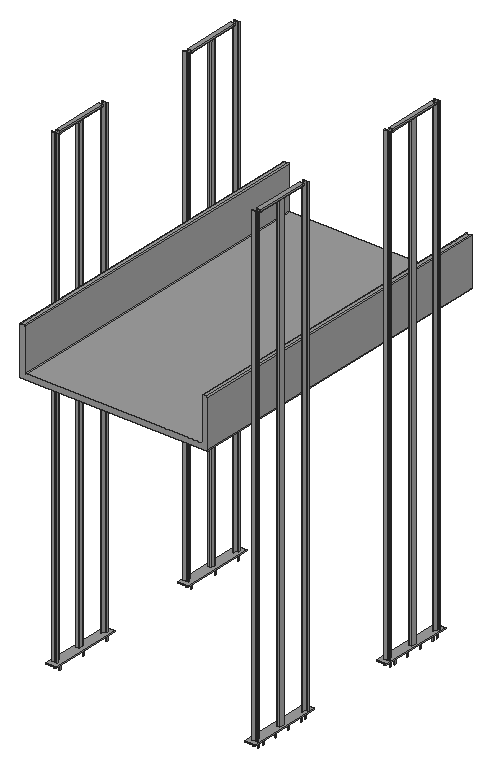
Revit family "1SE_Trez_TC_4C_1500_With_Pit", category Specialty Equipment, Revit 2019
Family settings
  Round Connector Dimension = Use Diameter
  Part Type = Normal
  Work Plane-Based = No
  Always vertical = Yes
  Cut with Voids When Loaded = Yes
  Shared = No
  Room Calculation Point = No
Parameters (values of type "Platform-2900x5400mm with Door Height 2500mm")
  Shaft = TREZ_Shaft_Space
  Safe Working Load = 1500.00 kg  # constant formula
  Safe Space = if(Cabin or Platform = Cabin, 900.0 mm, if(and(Cabin or Platform = Platform, Door Clear Height > 1900.0 mm), 600.0 mm, 0.0 mm))  # 600.0 mm
  Platform = Speciality_Equipment_Trez_Platform : Platform
  Door Clear Width = Clear Width  # 2900.0 mm
  Door Clear Height = 2500.0 mm
  Clear Width = 2900.0 mm
  URL = "https://trez.bg/en/products/goods-only-lift-tc/tc-4c-four-cylinder-lift/"
  Shaft Width = Real Width + 2 * Clearance  # 3520.0 mm
  Shaft Depth = Real Depth + 100.0 mm  # 5500.0 mm
  Tower Cladding Material = TREZ_Steel_Cladding
  Real Width = if(Clear Width < 1300.0 mm, 1300.0 mm, if(Clear Width > 2900.0 mm, 2900.0 mm, Clear Width))  # 2900.0 mm
  Real Depth = if(Clear Depth < 2600.0 mm, 2600.0 mm, if(Clear Depth > 5400.0 mm, 5400.0 mm, Clear Depth))  # 5400.0 mm
  Profiles Material = TREZ_Steel
  Platform Material = TREZ_Steel
  Pit Height = 180.0 mm  # constant formula
  Travel = 4500.0 mm
  Rail Height = Travel + Pit Height + Headroom  # 7780.0 mm
  Model = "TC 4C 1500"
  Manufacturer = "TREZ Ltd."
  Headroom = Door Clear Height + Safe Space  # 3100.0 mm
  Description = "Hydraulic goods only lift with four cylinders. "  # constant formula
  Clear Depth = 5400.0 mm
  Created By URL = "https://all1studio.com/"
  Created By = "All 1 Studio Ltd."
  Clearance = 310.0 mm  # constant formula
  Cabin or Platform Back = no
  Cabin or Platform = Speciality_Equipment_Trez_Platform : Platform
  Cabin = Speciality_Equipment_Trez_Cabin : Cabin
Reference planes
  plane 1 "Center (Front/Back)": y = 0
  plane 2: z = 0
  plane 3 "Center (Left/Right)": x = 0
  plane 4: x = -1450
  plane 5: x = 1450
  plane 6: y = 2700
  plane 7: y = -2700
  plane 8: x = 1760
  plane 9: x = -1760
  plane 10: y = 2750
  plane 11: y = -2750
  plane 12: z = 4500
  plane 13 "Top of Lift": z = 7600
  plane 14 "Pit": z = -180
  plane 15: x = -1628.5
  plane 16: x = 1628.5
  plane 17: z = 7540
  plane 18: z = 40
  plane 19: z = -145
  plane 20: y = 1350
  plane 21: y = -1350
Forms (mm)
  Extrusion 1, void
    sketch origin (0, 0, 0) x (1, 0, 0) y (0, 1, 0)
      loop
        line (1760, 2750) -> (-1760, 2750) -> (-1760, -2750) -> (1760, -2750) -> (1760, 2750)
    from 0 to -180
Lines and regions (mm)
  symbolic lines, style "Platform"
    curve 1: line (-1450, 2700, 0) -> (1450, 2700, 0)
    curve 2: line (-1450, -2700, 0) -> (-1450, 2700, 0)
    curve 3: line (1450, -2700, 0) -> (-1450, -2700, 0)
    curve 4: line (1450, 2700, 0) -> (1450, -2700, 0)
    curve 5: line (-1450, 2700, 0) -> (1450, -2700, 0)
    curve 6: line (1450, 2700, 0) -> (-1450, -2700, 0)
  symbolic lines, style "Shaft Volume"
    curve 7: line (-1760, 2750, 0) -> (1760, 2750, 0)
    curve 8: line (-1760, -2750, 0) -> (-1760, 2750, 0)
    curve 9: line (1760, -2750, 0) -> (-1760, -2750, 0)
    curve 10: line (1760, 2750, 0) -> (1760, -2750, 0)
    curve 11: line (-1760, 0, 7600) -> (1760, 0, 7600)
    curve 12: line (-1760, 0, 0) -> (-1760, 0, 7600)
    curve 13: line (1760, 0, 0) -> (-1760, 0, 0)
    curve 14: line (1760, 0, 7600) -> (1760, 0, 0)
    curve 15: line (0, 2750, 7600) -> (0, -2750, 7600)
    curve 16: line (0, 2750, 0) -> (0, 2750, 7600)
    curve 17: line (0, -2750, 0) -> (0, 2750, 0)
    curve 18: line (0, -2750, 7600) -> (0, -2750, 0)
Dimensions and locks
  equal spacing: plane 4, plane 3 "Center (Left/Right)", plane 5
  "Real Width": plane 4 to plane 5
  equal spacing: plane 7, plane 1 "Center (Front/Back)", plane 6
  "Real Depth": plane 7 to plane 6
  "Travel": plane 12 to level
  "Pit Height": level to plane 14 "Pit"
  "Headroom": plane 13 "Top of Lift" to plane 12
  locked: plane 13 "Top of Lift" to plane 17 at 60
  locked: plane 18 to level at 40
  locked: level to plane 19 at 145
  locked: plane 7 to plane 11 at 50
  locked: plane 6 to plane 10 at 50
  locked: plane 9 to plane 15 at 131.5
  locked: plane 16 to plane 8 at 131.5
  "Clearance": plane 5 to plane 8
  "Clearance": plane 9 to plane 4
  equal spacing: plane 1 "Center (Front/Back)", plane 20, plane 6
  equal spacing: plane 7, plane 21, plane 1 "Center (Front/Back)"
  aligned and locked: level to plane 2
  aligned and locked: Extrusion 1 to plane 14 "Pit"
  aligned and locked: plane 1 "Center (Front/Back)" to nested 1
  aligned and locked: nested 1 to plane 3 "Center (Left/Right)"
  aligned and locked: plane 12 to nested 1
  aligned and locked: plane 10 to curve 7
  aligned and locked: curve 8 to plane 9
  aligned and locked: plane 11 to curve 9
  aligned and locked: curve 10 to plane 8
  aligned and locked: curve 11 to plane 13 "Top of Lift"
  aligned and locked: plane 9 to curve 12
  aligned and locked: level to curve 13
  aligned and locked: plane 8 to curve 14
  aligned and locked: plane 13 "Top of Lift" to curve 15
  aligned and locked: curve 16 to plane 10
  aligned and locked: curve 17 to level
  aligned and locked: curve 18 to plane 11
  aligned and locked: Extrusion 1 sketch curve to plane 10
  aligned and locked: Extrusion 1 sketch curve to plane 8
  aligned and locked: Extrusion 1 sketch curve to plane 11
  aligned and locked: Extrusion 1 sketch curve to plane 9
  aligned and locked: plane 15 to nested 2
  aligned and locked: nested 3 to plane 16
  aligned and locked: plane 21 to nested 3
  aligned and locked: nested 2 to plane 21
  aligned and locked: nested 5 to plane 16
  aligned and locked: plane 15 to nested 4
  aligned and locked: nested 5 to plane 20
  aligned and locked: plane 20 to nested 4
  aligned and locked: plane 14 "Pit" to nested 3
  aligned and locked: nested 2 to plane 14 "Pit"
  aligned and locked: nested 4 to plane 14 "Pit"
  aligned and locked: plane 14 "Pit" to nested 5
Automatic sketch dimensions
  curve 3 to plane 4 = 0.0 mm
  curve 4 to plane 5 = 0.0 mm
  curve 3 to plane 7 = 0.0 mm
  plane 6 to curve 2 = 0.0 mm
Nested families
  nested 1: "Speciality_Equipment_Trez_Platform" at (0, 0, 4500), type <- "Cabin or Platform", type "Platform"
    with Width 2900.0 mm, Depth 5400.0 mm, Back Board no
  nested 2: "Generic_Model_Trez_Rails" at (-1628.5, -1350, -180), type "Rails"
    with Height 7780.0 mm
  nested 3: "Generic_Model_Trez_Rails" at (1628.5, -1350, -180) x (-1, 0, 0) z (0, 0, 1), type "Rails"
    with Height 7780.0 mm
  nested 4: "Generic_Model_Trez_Rails" at (-1628.5, 1350, -180), type "Rails"
    with Height 7780.0 mm
  nested 5: "Generic_Model_Trez_Rails" at (1628.5, 1350, -180) x (-1, 0, 0) z (0, 0, 1), type "Rails"
    with Height 7780.0 mm
Definition of nested family "Speciality_Equipment_Trez_Platform"
  Parameters (values of type "Speciality_Equipment_Trez_Platform")
    Width = 3600.0 mm
    Platform Material = none
    Depth = 2900.0 mm
    Back Board = yes
  Reference planes
    plane 1 "Center (Front/Back)": y = 0
    plane 2 "Bottom": z = 0
    plane 3 "Center (Left/Right)": x = 0
    plane 4: x = 1800
    plane 5: x = -1800
    plane 6: y = 1450
    plane 7: y = -1450
    plane 8: x = -1889
    plane 9: x = 1889
    plane 10: y = 1485
    plane 11: z = -89
    plane 12: z = 709
  Forms (mm)
    Extrusion 1, solid, material <- "Platform Material", visible <- "Back Board"
      sketch origin (0, 0, 0) x (1, 0, 0) y (0, 1, 0)
        loop
          line (-1889, 1485) -> (-1889, 1450) -> (1889, 1450) -> (1889, 1485) -> (-1889, 1485)
      from 0 to 709
    Extrusion 2, solid, material <- "Platform Material", detail levels coarse+medium
      sketch origin (0, 0, 0) x (1, 0, 0) y (0, 0, 1)
        loop
          line (-1800, 709) -> (-1889, 709) -> (-1889, -89) -> (1889, -89) -> (1889, 709) -> (1800, 709) -> (1800, 0) -> (-1800, 0) -> (-1800, 709)
      from -1450 to 1450
    Extrusion 3, solid, material <- "Platform Material", detail levels fine
      sketch origin (0, 0, 0) x (1, 0, 0) y (0, 0, 1)
        loop
          arc (-1874, 709) -> (-1884.607, 704.607) -> (-1889, 694) r 15
          line (-1889, 694) -> (-1889, -74)
          arc (-1889, -74) -> (-1884.607, -84.607) -> (-1874, -89) r 15
          line (-1874, -89) -> (1874, -89)
          arc (1874, -89) -> (1884.607, -84.607) -> (1889, -74) r 15
          line (1889, -74) -> (1889, 694)
          arc (1889, 694) -> (1884.607, 704.607) -> (1874, 709) r 15
          line (1874, 709) -> (1815, 709)
          arc (1815, 709) -> (1804.393, 704.607) -> (1800, 694) r 15
          line (1800, 694) -> (1800, 15)
          arc (1800, 15) -> (1795.607, 4.393) -> (1785, 0) r 15
          line (1785, 0) -> (-1785, 0)
          arc (-1785, 0) -> (-1795.607, 4.393) -> (-1800, 15) r 15
          line (-1800, 15) -> (-1800, 694)
          arc (-1800, 694) -> (-1804.393, 704.607) -> (-1815, 709) r 15
          line (-1815, 709) -> (-1874, 709)
      from -1450 to 1450
  Dimensions and locks
    equal spacing: plane 5, plane 3 "Center (Left/Right)", plane 4
    "Width": plane 5 to plane 4
    equal spacing: plane 7, plane 1 "Center (Front/Back)", plane 6
    "Depth": plane 6 to plane 7
    locked: plane 8 to plane 5 at 89
    locked: plane 4 to plane 9 at 89
    locked: plane 10 to plane 6 at 35
    locked: plane 2 "Bottom" to plane 11 at 89
    locked: plane 12 to plane 2 "Bottom" at 709
    aligned and locked: level to plane 2 "Bottom"
    aligned and locked: Extrusion 1 sketch curve to plane 10
    aligned and locked: plane 8 to Extrusion 1 sketch curve
    aligned and locked: plane 5 to Extrusion 2 sketch curve
    aligned and locked: plane 8 to Extrusion 2 sketch curve
    aligned and locked: Extrusion 2 sketch curve to plane 9
    aligned and locked: Extrusion 2 sketch curve to plane 4
    aligned and locked: Extrusion 2 sketch curve to plane 2 "Bottom"
    aligned and locked: Extrusion 2 sketch curve to plane 11
    aligned and locked: Extrusion 2 sketch curve to plane 12
    aligned and locked: Extrusion 2 to plane 6
    aligned and locked: Extrusion 2 to plane 7
    aligned and locked: Extrusion 3 sketch curve to plane 12
    aligned and locked: plane 8 to Extrusion 3 sketch curve
    aligned and locked: plane 5 to Extrusion 3 sketch curve
    aligned and locked: Extrusion 3 sketch curve to plane 4
    aligned and locked: Extrusion 3 sketch curve to plane 9
    aligned and locked: Extrusion 3 sketch curve to plane 2 "Bottom"
    aligned and locked: Extrusion 3 sketch curve to plane 11
    aligned and locked: Extrusion 3 to plane 7
    aligned and locked: Extrusion 3 to plane 6
  Automatic sketch dimensions
    plane 12 to Extrusion 2 sketch curve = 0.0 mm
    Extrusion 1 sketch curve to plane 6 = 0.0 mm
    Extrusion 1 sketch curve to plane 9 = 0.0 mm
    Extrusion 3 sketch curve to plane 12 = 0.0 mm
    Extrusion 3 sketch curve to Extrusion 3 sketch curve = 15.0 mm  (x4)
    plane 5 to Extrusion 3 sketch curve = 15.0 mm
    Extrusion 3 sketch curve to plane 4 = 15.0 mm
    plane 4 to Extrusion 3 sketch curve = 15.0 mm
    Extrusion 3 sketch curve to plane 9 = 15.0 mm
Definition of nested family "Generic_Model_Trez_Rails"
  Parameters (values of type "SE_Trez_Rails")
    Profiles Material = none
    Height = 8720.0 mm
  Reference planes
    plane 1 "Center (Front/Back)": y = 0
    plane 2: z = 0
    plane 3 "Center (Left/Right)": x = 0
    plane 4: x = 87.2
    plane 5: x = -87.2
    plane 6: y = 607.5
    plane 7: y = -607.5
    plane 8: z = 8720
    plane 9: z = 15
    plane 10: z = 8685
    plane 11: z = -95
  Forms (mm)
    Extrusion 1, solid, material <- "Profiles Material", detail levels fine
      sketch origin (0, 0, 0) x (1, 0, 0) y (0, 1, 0)
        loop
          line (77.2, 607.5) -> (-77.2, 607.5)
          arc (-77.2, 607.5) -> (-84.271, 604.571) -> (-87.2, 597.5) r 10
          line (-87.2, 597.5) -> (-87.2, -597.5)
          arc (-87.2, -597.5) -> (-84.271, -604.571) -> (-77.2, -607.5) r 10
          line (-77.2, -607.5) -> (77.2, -607.5)
          arc (77.2, -607.5) -> (84.271, -604.571) -> (87.2, -597.5) r 10
          line (87.2, -597.5) -> (87.2, 597.5)
          arc (87.2, 597.5) -> (84.271, 604.571) -> (77.2, 607.5) r 10
      from 0 to 15
    Extrusion 2, solid, material <- "Profiles Material", detail levels fine
      sketch origin (0, 0, 0) x (1, 0, 0) y (0, 1, 0)
        loop
          line (-61.5, -517.5) -> (28.5, -517.5) -> (28.5, -509.5) -> (-3.5, -509.5)
          arc (-3.5, -509.5) -> (-7.036, -508.036) -> (-8.5, -504.5) r 5
          line (-8.5, -504.5) -> (-8.5, -442.5) -> (-24.5, -442.5) -> (-24.5, -504.5)
          arc (-24.5, -504.5) -> (-25.964, -508.036) -> (-29.5, -509.5) r 5
          line (-29.5, -509.5) -> (-61.5, -509.5) -> (-61.5, -517.5)
        loop
          line (-37.94, -40) -> (-1.94, -40)
          arc (-1.94, -40) -> (8.667, -35.607) -> (13.06, -25) r 15
          line (13.06, -25) -> (13.06, 25)
          arc (13.06, 25) -> (8.667, 35.607) -> (-1.94, 40) r 15
          line (-1.94, 40) -> (-37.94, 40) -> (-37.94, -40)
        loop
          line (-61.5, 517.5) -> (-61.5, 509.5) -> (-29.5, 509.5)
          arc (-29.5, 509.5) -> (-25.964, 508.036) -> (-24.5, 504.5) r 5
          line (-24.5, 504.5) -> (-24.5, 442.5) -> (-8.5, 442.5) -> (-8.5, 504.5)
          arc (-8.5, 504.5) -> (-7.036, 508.036) -> (-3.5, 509.5) r 5
          line (-3.5, 509.5) -> (28.5, 509.5) -> (28.5, 517.5) -> (-61.5, 517.5)
      from 15 to 8720
    Extrusion 3, solid, material <- "Profiles Material", detail levels fine
      sketch origin (0, 0, 0) x (1, 0, 0) y (0, 0, 1)
        loop
          line (-51.5, 8720) -> (-51.5, 8690)
          arc (-51.5, 8690) -> (-50.036, 8686.464) -> (-46.5, 8685) r 5
          line (-46.5, 8685) -> (13.5, 8685)
          arc (13.5, 8685) -> (17.036, 8686.464) -> (18.5, 8690) r 5
          line (18.5, 8690) -> (18.5, 8720) -> (-51.5, 8720)
      from -442.5 to 442.5
    Extrusion 4, solid, material <- "Profiles Material", detail levels coarse+medium
      sketch origin (0, 0, 0) x (1, 0, 0) y (0, 1, 0)
        loop
          line (87.2, 607.5) -> (-87.2, 607.5) -> (-87.2, -607.5) -> (87.2, -607.5) -> (87.2, 607.5)
      from 0 to 15
    Extrusion 5, solid, material <- "Profiles Material", detail levels coarse+medium
      sketch origin (0, 0, 0) x (1, 0, 0) y (0, 1, 0)
        loop
          line (-61.5, -517.5) -> (28.5, -517.5) -> (28.5, -442.5) -> (-61.5, -442.5) -> (-61.5, -517.5)
        loop
          line (-37.94, -40) -> (13.06, -40) -> (13.06, 40) -> (-37.94, 40) -> (-37.94, -40)
        loop
          line (-61.5, 517.5) -> (-61.5, 442.5) -> (28.5, 442.5) -> (28.5, 517.5) -> (-61.5, 517.5)
      from 15 to 8720
    Extrusion 6, solid, material <- "Profiles Material", detail levels coarse+medium
      sketch origin (0, 0, 0) x (1, 0, 0) y (0, 0, 1)
        loop
          line (-51.5, 8720) -> (-51.5, 8690)
          arc (-51.5, 8690) -> (-50.036, 8686.464) -> (-46.5, 8685) r 5
          line (-46.5, 8685) -> (13.5, 8685)
          arc (13.5, 8685) -> (17.036, 8686.464) -> (18.5, 8690) r 5
          line (18.5, 8690) -> (18.5, 8720) -> (-51.5, 8720)
      from -442.5 to 442.5
    Extrusion 7, solid, material <- "Profiles Material", detail levels fine
      sketch origin (0, 0, 0) x (1, 0, 0) y (0, 1, 0)
        loop
          circle (46.2, 480) r 7.5
        loop
          circle (-43.8, 480) r 7.5
        loop
          circle (-43.8, 390) r 7.5
        loop
          circle (46.2, -480) r 7.5
        loop
          circle (-43.8, -480) r 7.5
        loop
          circle (-43.8, -390) r 7.5
        loop
          circle (-43.8, -130) r 7.5
        loop
          circle (-43.8, 130) r 7.5
        loop
          circle (46.2, 0.052) r 7.5
      from -95 to 0
  Cuts and joins
    joined: Extrusion 2, Extrusion 3
    joined: Extrusion 5, Extrusion 6
  Lines and regions (mm)
    symbolic lines
      curve 1: line (28.5, 442.5, 0) -> (-61.5, 442.5, 0)
      curve 2: line (28.5, 517.5, 0) -> (28.5, 442.5, 0)
      curve 3: line (-61.5, 517.5, 0) -> (28.5, 517.5, 0)
      curve 4: line (-61.5, 442.5, 0) -> (-61.5, 517.5, 0)
      curve 5: line (13.06, 40, 0) -> (-37.94, 40, 0)
      curve 6: line (13.06, -40, 0) -> (13.06, 40, 0)
      curve 7: line (-37.94, -40, 0) -> (13.06, -40, 0)
      curve 8: line (-37.94, 40, 0) -> (-37.94, -40, 0)
      curve 9: line (28.5, -442.5, 0) -> (-61.5, -442.5, 0)
      curve 10: line (28.5, -517.5, 0) -> (28.5, -442.5, 0)
      curve 11: line (-61.5, -517.5, 0) -> (28.5, -517.5, 0)
      curve 12: line (-61.5, -442.5, 0) -> (-61.5, -517.5, 0)
      curve 13: line (87.2, -607.5, 0) -> (-87.2, -607.5, 0)
      curve 14: line (87.2, 607.5, 0) -> (87.2, -607.5, 0)
      curve 15: line (-87.2, 607.5, 0) -> (87.2, 607.5, 0)
      curve 16: line (-87.2, -607.5, 0) -> (-87.2, 607.5, 0)
  Dimensions and locks
    equal spacing: plane 5, plane 3 "Center (Left/Right)", plane 4
    plane 5 to plane 4 = 174.4 mm
    equal spacing: plane 6, plane 1 "Center (Front/Back)", plane 7
    plane 7 to plane 6 = 1215.0 mm
    "Height": plane 8 to plane 2
    locked: plane 9 to plane 2 at 15
    locked: plane 8 to Extrusion 3 sketch curve at 35
    locked: plane 8 to plane 10 at 35
    locked: plane 2 to plane 11 at 95
    aligned and locked: level to plane 2
    aligned and locked: Extrusion 1 sketch curve to plane 6
    aligned and locked: plane 4 to Extrusion 1 sketch curve
    aligned and locked: Extrusion 1 sketch curve to plane 7
    aligned and locked: plane 5 to Extrusion 1 sketch curve
    aligned and locked: plane 8 to Extrusion 2
    aligned and locked: Extrusion 1 to plane 9
    aligned and locked: plane 9 to Extrusion 2
    aligned and locked: Extrusion 4 sketch curve to plane 6
    aligned and locked: plane 4 to Extrusion 4 sketch curve
    aligned and locked: Extrusion 4 sketch curve to plane 7
    aligned and locked: plane 5 to Extrusion 4 sketch curve
    aligned and locked: Extrusion 4 to plane 9
    aligned and locked: Extrusion 4 to plane 2
    aligned and locked: plane 8 to Extrusion 5
    aligned and locked: plane 8 to Extrusion 3 sketch curve
    aligned and locked: Extrusion 3 to Extrusion 5  (x2)
    aligned and locked: Extrusion 7 to plane 11
    aligned and locked: plane 2 to Extrusion 7
  Automatic sketch dimensions
    Extrusion 2 sketch curve to plane 5 = 25.7 mm  (x2)
    Extrusion 2 sketch curve to plane 3 "Center (Left/Right)" = 29.5 mm  (x2)
    Extrusion 2 sketch curve to Extrusion 2 sketch curve = 5.0 mm
    Extrusion 2 sketch curve to plane 3 "Center (Left/Right)" = 24.5 mm
    Extrusion 2 sketch curve to plane 3 "Center (Left/Right)" = 8.5 mm  (x2)
    Extrusion 2 sketch curve to plane 3 "Center (Left/Right)" = 3.5 mm  (x2)
    Extrusion 2 sketch curve to plane 3 "Center (Left/Right)" = 1.94 mm  (x2)
    Extrusion 2 sketch curve to Extrusion 2 sketch curve = 15.0 mm
    plane 3 "Center (Left/Right)" to Extrusion 2 sketch curve = 28.5 mm  (x2)
    plane 7 to Extrusion 2 sketch curve = 90.0 mm
    Extrusion 2 sketch curve to Extrusion 2 sketch curve = 8.0 mm  (x3)
    Extrusion 2 sketch curve to Extrusion 2 sketch curve = 62.0 mm  (x2)
    Extrusion 2 sketch curve to plane 1 "Center (Front/Back)" = 25.0 mm
    plane 6 to Extrusion 2 sketch curve = 165.0 mm
    Extrusion 2 sketch curve to Extrusion 2 sketch curve = 0.0 mm
    Extrusion 2 sketch curve to plane 3 "Center (Left/Right)" = 37.94 mm
    plane 1 "Center (Front/Back)" to Extrusion 2 sketch curve = 40.0 mm
    Extrusion 3 sketch curve to Extrusion 3 sketch curve = 5.0 mm  (x2)
    plane 3 "Center (Left/Right)" to Extrusion 3 sketch curve = 13.5 mm
    Extrusion 3 sketch curve to plane 5 = 40.7 mm
    Extrusion 1 sketch curve to plane 5 = 10.0 mm
    Extrusion 1 sketch curve to Extrusion 1 sketch curve = 10.0 mm
    Extrusion 1 sketch curve to plane 4 = 10.0 mm  (x2)
    Extrusion 5 sketch curve to plane 5 = 25.7 mm  (x2)
    Extrusion 5 sketch curve to plane 3 "Center (Left/Right)" = 37.94 mm
    plane 3 "Center (Left/Right)" to Extrusion 5 sketch curve = 28.5 mm  (x2)
    plane 3 "Center (Left/Right)" to Extrusion 5 sketch curve = 13.06 mm
    plane 7 to Extrusion 5 sketch curve = 90.0 mm
    plane 1 "Center (Front/Back)" to Extrusion 5 sketch curve = 40.0 mm
    plane 6 to Extrusion 5 sketch curve = 165.0 mm
    Extrusion 5 sketch curve to Extrusion 5 sketch curve = 75.0 mm  (x2)
    Extrusion 5 sketch curve to plane 1 "Center (Front/Back)" = 40.0 mm
    Extrusion 6 sketch curve to plane 8 = 0.0 mm
    Extrusion 6 sketch curve to plane 10 = 0.0 mm
    plane 10 to Extrusion 6 sketch curve = 5.0 mm  (x2)
    Extrusion 6 sketch curve to plane 5 = 35.7 mm
    plane 3 "Center (Left/Right)" to Extrusion 6 sketch curve = 13.5 mm
    curve 16 to plane 5 = 0.0 mm
    curve 15 to plane 4 = 0.0 mm
    curve 13 to plane 7 = 0.0 mm
    plane 6 to curve 15 = 0.0 mm
    curve 3 to plane 5 = 25.7 mm
    curve 12 to plane 5 = 25.7 mm
    curve 5 to plane 3 "Center (Left/Right)" = 37.94 mm
    plane 3 "Center (Left/Right)" to curve 5 = 13.06 mm
    plane 3 "Center (Left/Right)" to curve 11 = 28.5 mm
    plane 3 "Center (Left/Right)" to curve 2 = 28.5 mm
    plane 7 to curve 11 = 90.0 mm
    curve 10 to curve 10 = 75.0 mm
    plane 1 "Center (Front/Back)" to curve 7 = 40.0 mm
    curve 5 to plane 1 "Center (Front/Back)" = 40.0 mm
    plane 6 to curve 2 = 165.0 mm
    curve 1 to curve 3 = 75.0 mm
    Extrusion 7 sketch curve to plane 5 = 43.4 mm  (x6)
    Extrusion 7 sketch curve to plane 4 = 41.0 mm  (x3)
    plane 7 to Extrusion 7 sketch curve = 127.5 mm
    Extrusion 7 sketch curve to Extrusion 7 sketch curve = 0.0 mm  (x2)
    Extrusion 7 sketch curve to Extrusion 7 sketch curve = 90.0 mm  (x2)
    plane 6 to Extrusion 7 sketch curve = 217.5 mm
    Extrusion 7 sketch curve to plane 1 "Center (Front/Back)" = 0.052 mm
    plane 1 "Center (Front/Back)" to Extrusion 7 sketch curve = 130.0 mm
    Extrusion 7 sketch curve to plane 1 "Center (Front/Back)" = 130.0 mm
    radius of Extrusion 7 sketch curve = 7.5 mm  (x9)
